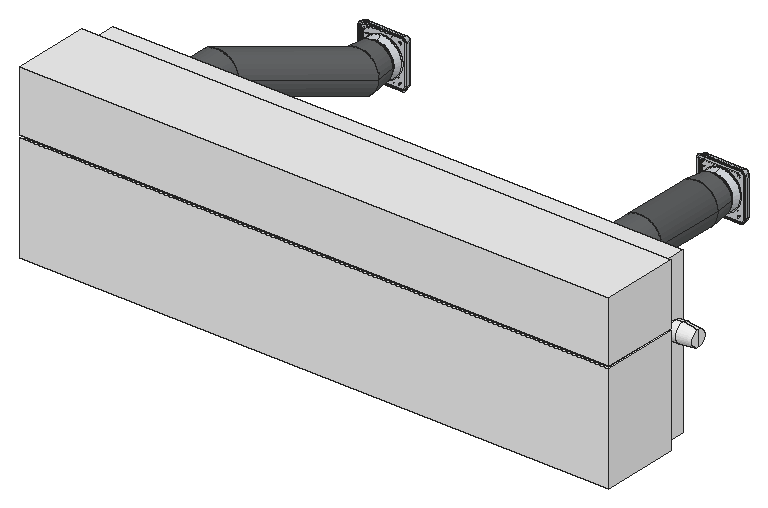
Revit family "57_CRD_ME_Vita_H1C", category Mechanical Equipment, Revit 2020 (continued)
Definition of nested family "57_CRD_AT_aansluiting_muurrooster_flex"
  Definition of nested family "Square Grille"
    Forms (mm)
      Extrusion 6, void
        sketch origin (0, 0, 0) x (1, 0, 0) y (0, 0, 1)
          loop
            arc (44.201, -47.018) -> (44.201, -50.534) -> (47.716, -50.534) r 2.486
            line (47.716, -50.534) -> (50.552, -47.697)
        from 0 to 3.5
      Extrusion 7, solid, detail levels coarse+medium
        sketch origin (0, 0, 0) x (1, 0, 0) y (0, 0, 1)
          loop
            circle (0, 0) r 46.5
        from -40 to 0
      Extrusion 8, solid, detail levels coarse+medium
        sketch origin (0, 0, 0) x (1, 0, 0) y (0, 0, 1)
          loop
            line (-63.5, 63.5) -> (-63.5, -63.5) -> (63.5, -63.5) -> (63.5, 63.5) -> (-63.5, 63.5)
        from 0 to 14
    Cuts and joins
      Extrusion 6 cuts Revolve 1
      Extrusion 6 cuts Extrusion 4
      Extrusion 6 cuts Extrusion 5
      joined: Revolve 1, Extrusion 4, Extrusion 5
      Extrusion 6 cuts Extrusion 3
    Dimensions and locks
      plane 1 "Center (Front/Back)" to Extrusion 7 = 40 mm
      Extrusion 8 sketch curve to plane 3 "Center (Left/Right)" to Extrusion 8 sketch curve = 63.5 mm, 63.5 mm
      Extrusion 8 sketch curve to plane 2 to Extrusion 8 sketch curve = 63.5 mm, 63.5 mm
      Extrusion 8 to plane 1 "Center (Front/Back)" = 14 mm
      diameter of Extrusion 7 sketch curve = 93 mm
      aligned and locked: level to plane 2
      aligned and locked: Sweep 2 sketch curve to plane 1 "Center (Front/Back)"
      aligned and locked: Sweep 2 sketch curve to profile plane
      aligned and locked: Extrusion 4 to plane 1 "Center (Front/Back)"
      aligned and locked: plane 1 "Center (Front/Back)" to Extrusion 7
      aligned and locked: Extrusion 8 to plane 1 "Center (Front/Back)"
Definition of nested family "Square Grille"
  Parameters (values of type "Square Grille")
    Width = 127 mm
    Wholesaler Art. No. = ""
    Wholesaler = ""
    materiaal [instance] = none
    Watermarked By = "www.stabiplan.com"
    URL = "www.stabiplan.com"
    Type Comments = "﻿﻿  ​                        ﻿﻿       ​      ﻿      ﻿                  ﻿                         ﻿​  ​ ﻿      ​   ﻿﻿"
    Stabu Code = ""
    Revit Version = "2014"  # constant formula
    Product Line = "ClimaRad"
    Model = "127x127"
    Manufacturer URL = "www.climarad.com"
    Manufacturer Art. No. = "3511203"
    Manufacturer = "ClimaRad"
    MEPcontent Class = "GRILLE"  # constant formula
    Keynote = "﻿﻿  ​                        ﻿﻿       ​      ﻿      ﻿                  ﻿                         ﻿​  ​ ﻿      ​   ﻿﻿"
    Internal Art. No. = ""
    IFCExportType = "GRILLE"  # constant formula
    IFCExportAs = "IfcAirTerminalType"  # constant formula
    Height = 127 mm
    GTIN = ""
    Function Code [instance] = ""
    Family Version = "10.04"  # constant formula
    ETIM Article Class = "EC001297"
    EMCS Version = "2.0"  # constant formula
    Description = "Aluminium set up grid"
    Depth = 14 mm
    Default Elevation = 1219.2 mm
    Custom = no
    Copyright = "© Stabiplan International BV"  # constant formula
    Content Supplier URL = "www.mepcontent.eu"
    CB-NL Class = ""
    Assembly Code = ""
    Article Type = "127x127"
    Article Description = "Aluminium set up grid"
  Reference planes
    plane 1 "Center (Front/Back)": y = 0
    plane 2: z = 0
    plane 3 "Center (Left/Right)": x = 0
  Forms (mm)
    Revolve 1, solid, material <- "materiaal", detail levels fine
      sketch origin (0, 0, 0) x (0, 1, 0) y (0, 0, 1)
        loop
          arc (39.018, 42.11) -> (39.963, 43.055) -> (39.018, 44) r 0.945
          line (39.018, 44) -> (38.22, 44)
          arc (38.22, 44) -> (37.144, 44.34) -> (36.461, 45.238) r 1.868
          line (36.461, 45.238) -> (36.176, 46.035)
          arc (36.176, 46.035) -> (35.58, 46.509) -> (34.985, 46.035) r 0.611
          line (34.985, 46.035) -> (34.985, 44.473)
          arc (34.985, 44.473) -> (34.391, 43.99) -> (33.796, 44.473) r 0.607
          line (33.796, 44.473) -> (33.796, 46.019)
          arc (33.796, 46.019) -> (33.188, 46.501) -> (32.58, 46.019) r 0.625
          line (32.58, 46.019) -> (32.287, 45.206)
          arc (32.287, 45.206) -> (31.587, 44.307) -> (30.491, 43.995) r 1.834
          line (30.491, 43.995) -> (29.298, 43.995)
          arc (29.298, 43.995) -> (28.157, 44.349) -> (27.417, 45.286) r 2.015
          line (27.417, 45.286) -> (27.157, 46.035)
          arc (27.157, 46.035) -> (26.562, 46.509) -> (25.966, 46.035) r 0.611
          line (25.966, 46.035) -> (25.966, 44.473)
          arc (25.966, 44.473) -> (25.372, 43.99) -> (24.777, 44.473) r 0.607
          line (24.777, 44.473) -> (24.777, 46.019)
          arc (24.777, 46.019) -> (24.169, 46.501) -> (23.561, 46.019) r 0.625
          line (23.561, 46.019) -> (23.268, 45.206)
          arc (23.268, 45.206) -> (22.536, 44.329) -> (21.442, 44) r 1.985
          line (21.442, 44) -> (20.411, 44)
          arc (20.411, 44) -> (19.937, 44.038) -> (19.476, 44.149) r 3.01
          line (19.476, 44.149) -> (1.763, 49.941)
          arc (1.763, 49.941) -> (0.593, 50.723) -> (0, 52) r 2.607
          line (0, 52) -> (0, 48.544) -> (17.33, 42.775)
          arc (17.33, 42.775) -> (19.355, 42.277) -> (21.434, 42.11) r 12.994
          line (21.434, 42.11) -> (39.018, 42.11)
        axis (39.018, 0) -> (0, 0)
      angle from 0 to 360
    Sweep 2, solid, material <- "materiaal", detail levels fine
      path origin (0, 0, 0) x (1, 0, 0) y (0, 0, 1)
        loop
          arc (-53.079, -51.114) -> (-52.503, -52.503) -> (-51.114, -53.079) r 1.965
          line (-51.114, -53.079) -> (51.075, -53.079)
          arc (51.075, -53.079) -> (52.492, -52.492) -> (53.079, -51.075) r 2.004
          line (53.079, -51.075) -> (53.079, 51.126)
          arc (53.079, 51.126) -> (52.507, 52.507) -> (51.126, 53.079) r 1.953
          line (51.126, 53.079) -> (-51.079, 53.079)
          arc (-51.079, 53.079) -> (-52.493, 52.493) -> (-53.079, 51.079) r 2
          line (-53.079, 51.079) -> (-53.079, -51.114)
      profile origin (-53.079, 0, -0.018) x (-1, 0, 0) y (0, -1, 0)
        loop
          line (9.386, 0) -> (10.421, 0) -> (7.067, 12.518)
          arc (7.067, 12.518) -> (6.353, 13.587) -> (5.135, 14) r 2
          line (5.135, 14) -> (3.864, 14)
          arc (3.864, 14) -> (2.455, 13.438) -> (1.82, 12.06) r 2.048
          line (1.82, 12.06) -> (1.498, 5.921)
          arc (1.498, 5.921) -> (1.033, 4.912) -> (0, 4.5) r 1.5
          line (0, 4.5) -> (0, 3.5)
          arc (0, 3.5) -> (1.721, 4.187) -> (2.497, 5.869) r 2.5
          line (2.497, 5.869) -> (2.821, 12.065)
          arc (2.821, 12.065) -> (3.095, 12.726) -> (3.757, 13) r 0.935
          line (3.757, 13) -> (5.135, 13)
          arc (5.135, 13) -> (5.744, 12.793) -> (6.101, 12.259) r 1
          line (6.101, 12.259) -> (9.386, 0)
    Extrusion 3, solid, material <- "materiaal", detail levels fine
      sketch origin (0, 0, 0) x (0, 1, 0) y (0, 0, 1)
        loop
          line (-4.5, 53.079) -> (-4.5, 50.079)
          arc (-4.5, 50.079) -> (-4.657, 49.541) -> (-5.077, 49.172) r 1
          line (-5.077, 49.172) -> (-9.609, 47.059)
          arc (-9.609, 47.059) -> (-11.811, 45.657) -> (-13.574, 43.732) r 10
          line (-13.574, 43.732) -> (-12.755, 43.158)
          arc (-12.755, 43.158) -> (-11.168, 44.891) -> (-9.186, 46.153) r 9
          line (-9.186, 46.153) -> (-4.655, 48.266)
          arc (-4.655, 48.266) -> (-3.858, 48.933) -> (-3.5, 49.908) r 2.015
          line (-3.5, 49.908) -> (-3.5, 53.079) -> (-4.5, 53.079)
        loop
          line (-4.5, 38.479) -> (-4.5, 35.479)
          arc (-4.5, 35.479) -> (-4.657, 34.941) -> (-5.077, 34.572) r 1
          line (-5.077, 34.572) -> (-9.609, 32.459)
          arc (-9.609, 32.459) -> (-11.811, 31.057) -> (-13.574, 29.132) r 10
          line (-13.574, 29.132) -> (-12.755, 28.558)
          arc (-12.755, 28.558) -> (-11.168, 30.291) -> (-9.186, 31.553) r 9
          line (-9.186, 31.553) -> (-4.655, 33.666)
          arc (-4.655, 33.666) -> (-3.858, 34.333) -> (-3.5, 35.308) r 2.015
          line (-3.5, 35.308) -> (-3.5, 38.479) -> (-4.5, 38.479)
        loop
          line (-4.5, 23.879) -> (-4.5, 20.879)
          arc (-4.5, 20.879) -> (-4.657, 20.341) -> (-5.077, 19.972) r 1
          line (-5.077, 19.972) -> (-9.609, 17.859)
          arc (-9.609, 17.859) -> (-11.811, 16.457) -> (-13.574, 14.532) r 10
          line (-13.574, 14.532) -> (-12.755, 13.958)
          arc (-12.755, 13.958) -> (-11.168, 15.691) -> (-9.186, 16.953) r 9
          line (-9.186, 16.953) -> (-4.655, 19.066)
          arc (-4.655, 19.066) -> (-3.858, 19.733) -> (-3.5, 20.708) r 2.015
          line (-3.5, 20.708) -> (-3.5, 23.879) -> (-4.5, 23.879)
        loop
          line (-4.5, 9.279) -> (-4.5, 6.279)
          arc (-4.5, 6.279) -> (-4.657, 5.741) -> (-5.077, 5.372) r 1
          line (-5.077, 5.372) -> (-9.609, 3.259)
          arc (-9.609, 3.259) -> (-11.811, 1.857) -> (-13.574, -0.068) r 10
          line (-13.574, -0.068) -> (-12.755, -0.642)
          arc (-12.755, -0.642) -> (-11.168, 1.091) -> (-9.186, 2.353) r 9
          line (-9.186, 2.353) -> (-4.655, 4.466)
          arc (-4.655, 4.466) -> (-3.858, 5.133) -> (-3.5, 6.108) r 2.015
          line (-3.5, 6.108) -> (-3.5, 9.279) -> (-4.5, 9.279)
        loop
          line (-4.5, -5.321) -> (-4.5, -8.321)
          arc (-4.5, -8.321) -> (-4.657, -8.859) -> (-5.077, -9.228) r 1
          line (-5.077, -9.228) -> (-9.609, -11.341)
          arc (-9.609, -11.341) -> (-11.811, -12.743) -> (-13.574, -14.668) r 10
          line (-13.574, -14.668) -> (-12.755, -15.242)
          arc (-12.755, -15.242) -> (-11.168, -13.509) -> (-9.186, -12.247) r 9
          line (-9.186, -12.247) -> (-4.655, -10.134)
          arc (-4.655, -10.134) -> (-3.858, -9.467) -> (-3.5, -8.492) r 2.015
          line (-3.5, -8.492) -> (-3.5, -5.321) -> (-4.5, -5.321)
        loop
          line (-4.5, -19.921) -> (-4.5, -22.921)
          arc (-4.5, -22.921) -> (-4.657, -23.459) -> (-5.077, -23.828) r 1
          line (-5.077, -23.828) -> (-9.609, -25.941)
          arc (-9.609, -25.941) -> (-11.811, -27.343) -> (-13.574, -29.268) r 10
          line (-13.574, -29.268) -> (-12.755, -29.842)
          arc (-12.755, -29.842) -> (-11.168, -28.109) -> (-9.186, -26.847) r 9
          line (-9.186, -26.847) -> (-4.655, -24.734)
          arc (-4.655, -24.734) -> (-3.858, -24.067) -> (-3.5, -23.092) r 2.015
          line (-3.5, -23.092) -> (-3.5, -19.921) -> (-4.5, -19.921)
        loop
          line (-4.5, -34.521) -> (-4.5, -37.521)
          arc (-4.5, -37.521) -> (-4.657, -38.059) -> (-5.077, -38.428) r 1
          line (-5.077, -38.428) -> (-9.609, -40.541)
          arc (-9.609, -40.541) -> (-11.811, -41.943) -> (-13.574, -43.868) r 10
          line (-13.574, -43.868) -> (-12.755, -44.442)
          arc (-12.755, -44.442) -> (-11.168, -42.709) -> (-9.186, -41.447) r 9
          line (-9.186, -41.447) -> (-4.655, -39.334)
          arc (-4.655, -39.334) -> (-3.858, -38.667) -> (-3.5, -37.692) r 2.015
          line (-3.5, -37.692) -> (-3.5, -34.521) -> (-4.5, -34.521)
        loop
          line (-3.5, -53.079) -> (-3.5, -49.579) -> (-4.5, -49.579) -> (-4.5, -53.079) -> (-3.5, -53.079)
      from -53.079 to 53.079
    Extrusion 4, solid, material <- "materiaal", detail levels fine
      sketch origin (0, 0, 0) x (1, 0, 0) y (0, 0, 1)
        loop
          arc (-51.286, 58.331) -> (-56.267, 56.267) -> (-58.331, 51.286) r 7.045
          line (-58.331, 51.286) -> (-58.331, -51.302)
          arc (-58.331, -51.302) -> (-56.272, -56.272) -> (-51.302, -58.331) r 7.028
          line (-51.302, -58.331) -> (51.286, -58.331)
          arc (51.286, -58.331) -> (56.267, -56.267) -> (58.331, -51.286) r 7.044
          line (58.331, -51.286) -> (58.331, 51.292)
          arc (58.331, 51.292) -> (56.269, 56.269) -> (51.292, 58.331) r 7.039
          line (51.292, 58.331) -> (-51.286, 58.331)
        loop
          circle (0, 0) r 45
      from 0 to 1
    Extrusion 5, solid, material <- "materiaal", detail levels fine
      sketch origin (0, 0, 0) x (1, 0, 0) y (0, 0, 1)
        loop
          line (51.292, 58.331) -> (-51.286, 58.331)
          arc (-51.286, 58.331) -> (-56.267, 56.267) -> (-58.331, 51.286) r 7.045
          line (-58.331, 51.286) -> (-58.331, -51.302)
          arc (-58.331, -51.302) -> (-56.272, -56.272) -> (-51.302, -58.331) r 7.028
          line (-51.302, -58.331) -> (51.286, -58.331)
          arc (51.286, -58.331) -> (56.267, -56.267) -> (58.331, -51.286) r 7.044
          line (58.331, -51.286) -> (58.331, 51.292)
          arc (58.331, 51.292) -> (56.269, 56.269) -> (51.292, 58.331) r 7.039
        loop
          line (-56.331, 51.286) -> (-56.331, -51.302)
          arc (-56.331, -51.302) -> (-54.858, -54.858) -> (-51.302, -56.331) r 5.028
          line (-51.302, -56.331) -> (51.286, -56.331)
          arc (51.286, -56.331) -> (54.853, -54.853) -> (56.331, -51.286) r 5.044
          line (56.331, -51.286) -> (56.331, 51.292)
          arc (56.331, 51.292) -> (54.855, 54.855) -> (51.292, 56.331) r 5.039
          line (51.292, 56.331) -> (-51.286, 56.331)
          arc (-51.286, 56.331) -> (-54.853, 54.853) -> (-56.331, 51.286) r 5.045
      from 0 to 10
    Extrusion 6, void
      sketch origin (0, 0, 0) x (1, 0, 0) y (0, 0, 1)
        loop
          arc (-50.552, 47.697) -> (-50.552, 44.182) -> (-47.037, 44.182) r 2.486
          line (-47.037, 44.182) -> (-44.201, 47.018)
          arc (-44.201, 47.018) -> (-44.201, 50.534) -> (-47.716, 50.534) r 2.486
          line (-47.716, 50.534) -> (-50.552, 47.697)
        loop
          line (50.552, 47.697) -> (47.716, 50.534)
          arc (47.716, 50.534) -> (44.201, 50.534) -> (44.201, 47.018) r 2.486
          line (44.201, 47.018) -> (47.037, 44.182)
          arc (47.037, 44.182) -> (50.552, 44.182) -> (50.552, 47.697) r 2.486
        loop
          line (-50.552, -47.697) -> (-47.716, -50.534)
          arc (-47.716, -50.534) -> (-44.201, -50.534) -> (-44.201, -47.018) r 2.486
          line (-44.201, -47.018) -> (-47.037, -44.182)
          arc (-47.037, -44.182) -> (-50.552, -44.182) -> (-50.552, -47.697) r 2.486
        loop
          arc (50.552, -47.697) -> (50.552, -44.182) -> (47.037, -44.182) r 2.486
          line (47.037, -44.182) -> (44.201, -47.018)
          arc (44.201, -47.018) -> (44.201, -50.534) -> (47.716, -50.534) r 2.486
          line (47.716, -50.534) -> (50.552, -47.697)
      from 0 to 3.5
    Extrusion 7, solid, detail levels coarse+medium
      sketch origin (0, 0, 0) x (1, 0, 0) y (0, 0, 1)
        loop
          circle (0, 0) r 46.5
      from -40 to 0
    Extrusion 8, solid, detail levels coarse+medium
      sketch origin (0, 0, 0) x (1, 0, 0) y (0, 0, 1)
        loop
          line (-63.5, 63.5) -> (-63.5, -63.5) -> (63.5, -63.5) -> (63.5, 63.5) -> (-63.5, 63.5)
      from 0 to 14
  Cuts and joins
    Extrusion 6 cuts Revolve 1
    Extrusion 6 cuts Extrusion 4
    Extrusion 6 cuts Extrusion 5
    joined: Revolve 1, Extrusion 4, Extrusion 5
    Extrusion 6 cuts Extrusion 3
  Dimensions and locks
    plane 1 "Center (Front/Back)" to Extrusion 7 = 40 mm
    Extrusion 8 sketch curve to plane 3 "Center (Left/Right)" to Extrusion 8 sketch curve = 63.5 mm, 63.5 mm
    Extrusion 8 sketch curve to plane 2 to Extrusion 8 sketch curve = 63.5 mm, 63.5 mm
    Extrusion 8 to plane 1 "Center (Front/Back)" = 14 mm
    diameter of Extrusion 7 sketch curve = 93 mm
    aligned and locked: level to plane 2
    aligned and locked: Sweep 2 sketch curve to plane 1 "Center (Front/Back)"
    aligned and locked: Sweep 2 sketch curve to profile plane
    aligned and locked: Extrusion 4 to plane 1 "Center (Front/Back)"
    aligned and locked: plane 1 "Center (Front/Back)" to Extrusion 7
    aligned and locked: Extrusion 8 to plane 1 "Center (Front/Back)"
